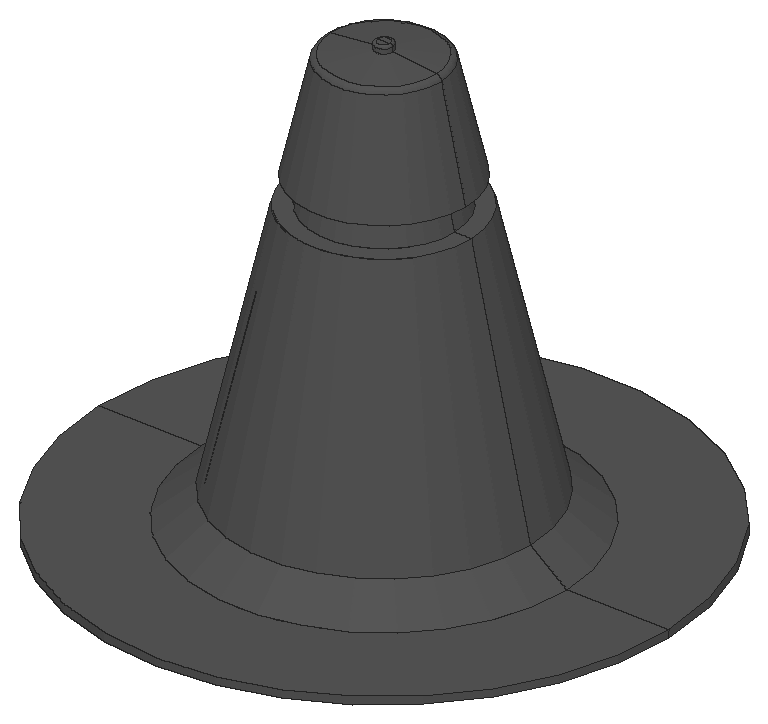
Revit family "Roofing-Aquaknight-Vapour_Vent-Black", category Plumbing Fixtures, Revit 2016
Family settings
  Part Type = Normal
  Round Connector Dimension = Use Diameter
  OmniClass Number = 23.60.30.11
  OmniClass Title = Pipework Products for General Use
  Work Plane-Based = No
  Always vertical = Yes
  Cut with Voids When Loaded = No
  Shared = No
  Room Calculation Point = No
Parameters (values of type "Black")
  Waste Connection = no
  Vent Connection = yes
  URL = "www.aquaknight.co.nz"
  Phone = "+6498322214"  # constant formula
  Model = "2100.105"
  Material = Aquanight-Black
  Manufacturer = "Aquanight Industries Ltd"  # constant formula
  HW Connection = no
  Email = "info@aquaknight.co.nz"  # constant formula
  Description = "Membrane Vapour Vent Black"
  CW Connection = no
Reference planes
  plane 1 "Center (Front/Back)": y = 0
  plane 2: z = 0
  plane 3 "Center (Left/Right)": x = 0
Forms (mm)
  Revolve 1, solid, material "Aquanight-Black" <- "Material"
    sketch origin (0, 0, 0) x (1, 0, 0) y (0, 0, 1)
      loop
        arc (-34.256, 130.756) -> (-37.364, 129.673) -> (-39.125, 126.893) r 5
        line (-39.125, 126.893) -> (-64.971, 16.219)
        arc (-64.971, 16.219) -> (-65.622, 14.669) -> (-66.75, 13.423) r 5
        line (-66.75, 13.423) -> (-82.427, 1.071)
        arc (-82.427, 1.071) -> (-83.883, 0.275) -> (-85.52, 0) r 5
        line (-85.52, 0) -> (-132.5, 0) -> (-132.5, 3.5) -> (-85, 3.5) -> (-68.5, 16.5) -> (-41, 134.256) -> (-33, 134.256) -> (-30.303, 145.804) -> (-34.709, 145.804) -> (-38.117, 146.6) -> (-26.888, 194.686)
        arc (-26.888, 194.686) -> (-26.028, 196.183) -> (-24.487, 196.959) r 3
        arc (-24.487, 196.959) -> (-14.282, 198.375) -> (-4, 199.043) r 141.072
        line (-4, 199.043) -> (-4, 201.086)
        arc (-4, 201.086) -> (-3.707, 201.793) -> (-3, 202.086) r 1
        line (-3, 202.086) -> (0, 202.086) -> (0, 183.5) -> (-6.5, 183.5) -> (-6.5, 171.5) -> (-15, 171.5) -> (-15, 172.5) -> (-16.508, 172.5)
        arc (-16.508, 172.5) -> (-19.615, 171.417) -> (-21.377, 168.637) r 5
        line (-21.377, 168.637) -> (-29.322, 134.617)
        arc (-29.322, 134.617) -> (-31.084, 131.839) -> (-34.19, 130.756) r 5
      axis (0, 202.086) -> (0, 0)
    angle from 0 to 360
Dimensions and locks
  aligned and locked: level to plane 2
  aligned and locked: Revolve 1 sketch curve to plane 3 "Center (Left/Right)"  (x2)
